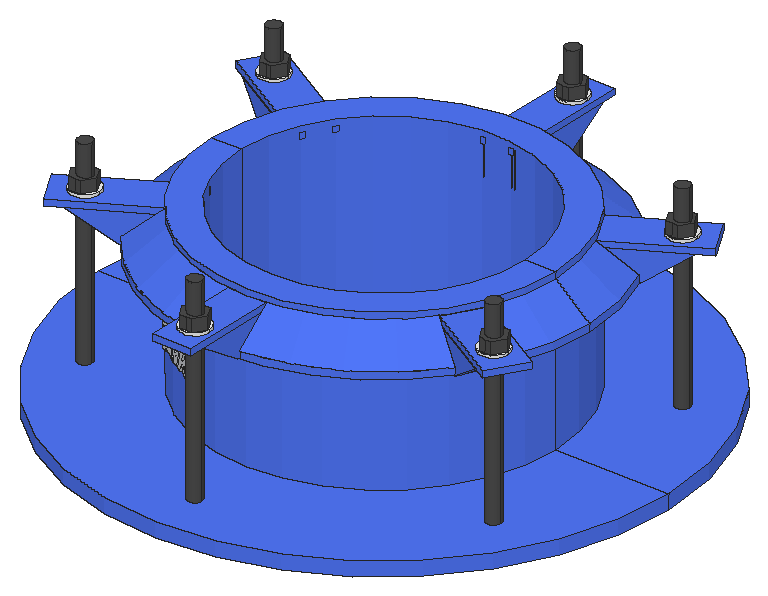
Revit family "603-A-4100-DN300", category Pipe Accessories, Revit 2019
Family settings
  Round Connector Dimension = Use Diameter
  Part Type = Valve - Breaks Into
  Work Plane-Based = No
  Always vertical = Yes
  Cut with Voids When Loaded = No
  Shared = No
Parameters (values of type "603-350-000-4100_DN300")
  Washer_ref = size_lookup(Search_table, "Washer_ref", 0 mm, [Nomianal_Diameter(DN)])  # 144 mm
  Washer = 3 mm  # constant formula
  URL product pages = "https://www.avkvalves.com/P.aspx?no=6031830604100"
  Search_table = "603-A-4100-DN300"
  S = 450 mm  # constant formula
  Rib_width = size_lookup(Search_table, "Rib_width", 0 mm, [Nomianal_Diameter(DN)])  # 480 mm
  Rib_length = 32 mm  # constant formula
  Rib_Thickness = 5 mm  # constant formula
  PCD = size_lookup(Search_table, "PCD", 0 mm, [Nomianal_Diameter(DN)])  # 400 mm
  Nut = 10 mm  # constant formula
  Length = size_lookup(Search_table, "Length", 0 mm, [Nomianal_Diameter(DN)])  # 119 mm
  L1 = size_lookup(Search_table, "L1", 0 mm, [Nomianal_Diameter(DN)])  # 61 mm
  L3 = size_lookup(Search_table, "L3", 0 mm, [Nomianal_Diameter(DN)]) - 7 mm  # 112 mm
  L = size_lookup(Search_table, "L", 0 mm, [Nomianal_Diameter(DN)]) - Bottm_height  # 178 mm
  ID = [Nomianal_Diameter(DN)] / 2.5  # 120 mm
  Nomianal_Diameter(DN) = 300 mm
  H1 = size_lookup(Search_table, "H1", 0 mm, [Nomianal_Diameter(DN)])  # 35 mm
  Description_ = "AVK UNIVERSAL SUPA® FLANGE ADAPTOR"
  DN300_301- 327 = "603-327-002-4100"
  DN300_301-327 = "603-327-000-4100"
  DN300_ 324-350 = "603-350-000-4100"
  D4 = (PCD / 2) + Bottom_Flange_Thicckness  # 212 mm
  D3 = (D2 * 1.2)  # 174.6 mm
  D2 = size_lookup(Search_table, "D2", 0 mm, [Nomianal_Diameter(DN)]) / 2  # 145.5 mm
  D = size_lookup(Search_table, "D", 0 mm, [Nomianal_Diameter(DN)]) / 2  # 241.5 mm
  Bottom_Flange_Thicckness = 12 mm  # constant formula
  Bottm_height = size_lookup(Search_table, "Bottm_height", 0 mm, [Nomianal_Diameter(DN)])  # 8 mm
  Bottm_cut = size_lookup(Search_table, "Bottm_cut", 0 mm, [Nomianal_Diameter(DN)]) / 2  # 183.5 mm
  Bolt_width = 20 mm  # constant formula
  Bolt_ref = size_lookup(Search_table, "Bolt_ref", 0 mm, [Nomianal_Diameter(DN)])  # 154 mm
Types (4, lengths in mm): name | Rib_width | ID | Nomianal_Diameter(DN) | D
  (no name) | 480 | 120 | 300 | 241.5
  603-327-000-4100_DN300 | 480 | 120 | 300 | 241.5
  603-327-002-4100_DN300 | 450 | 120.04 | 300.1 | 229
  603-350-000-4100_DN300 | 480 | 120 | 300 | 241.5
Reference planes
  plane 1 "Center (Front/Back)": y = 0
  plane 2: z = 0
  plane 3 "Center (Left/Right)": x = 0
  plane 4: y = 240
  plane 5: y = -240
  plane 6: x = -240
  plane 7: x = 240
  plane 8: z = 119
  plane 9: z = 159
  plane 10: y = -12.5
  plane 11: y = 12.5
  plane 12: x = 11
  plane 13: x = -11
  plane 14: y = 200
  plane 15: y = -200
  plane 16: y = 11.187
  plane 17: y = -11.187
  plane 18: y = 5
  plane 19: y = 5
  plane 20: y = -5
  plane 21: y = -5
  plane 22: x = 0
  plane 23: x = 0
  plane 24: y = -190
  plane 25: y = -210
  plane 26: x = -5
  plane 27: x = 5
  plane 28: x = 5
  plane 29: x = -5
  plane 30: x = 11
  plane 31: x = -11
  plane 32: y = 200
  plane 33: y = 210
  plane 34: y = 190
  plane 35: x = -5
  plane 36: x = 5
  plane 37: x = 11
  plane 38: x = -11
  plane 39: x = 11
  plane 40: x = -11
  plane 41: y = 11.187
  plane 42: y = -11.187
  plane 43: y = 5
  plane 44: y = 5
  plane 45: y = -5
  plane 46: y = -5
  plane 47: y = 11.187
  plane 48: y = -11.187
  plane 49: x = 64.5
  plane 50: x = -64.5
  plane 51: y = 64.5
  plane 52: y = -64.5
  plane 53: through (-935.205, -1219.823, 12) normal (0.866, -0.5, 0)
  plane 54: through (-588.795, -1419.823, 12) normal (0.866, -0.5, 0)
  plane 55: through (-922.215, -1227.323, 0) normal (0.866, -0.5, 0)
  plane 56: z = -1.012
  plane 57: through (-588.795, -1419.823, 12) normal (0.866, -0.5, 0)
  plane 58: through (-935.205, -1219.823, 12) normal (0.866, -0.5, 0)
  plane 59: through (-601.785, -1412.323, 0) normal (0.866, -0.5, 0)
  plane 60: z = -1.012
  plane 61: y = 200
  plane 62: y = -200
  plane 63: y = -200
  plane 64: y = 200
  plane 65: z = -7
  plane 66: x = -241.5
  plane 67: x = 241.5
  plane 68: through (0, 0, 1200) normal (-0.5, -0.866, 0)
  plane 69: through (0, 0, 1200) normal (-0.5, 0.866, 0)
  plane 70: through (935.205, -1219.823, 12) normal (0.866, 0.5, 0)
  plane 71: through (588.795, -1419.823, 12) normal (0.866, 0.5, 0)
  plane 72: through (922.215, -1227.323, 0) normal (0.866, 0.5, 0)
  plane 73: z = -1.012
  plane 74: through (588.795, -1419.823, 12) normal (0.866, 0.5, 0)
  plane 75: through (935.205, -1219.823, 12) normal (0.866, 0.5, 0)
  plane 76: through (601.785, -1412.323, 0) normal (0.866, 0.5, 0)
  plane 77: z = -1.012
  plane 78: through (0, 0, 1200) normal (-0.866, 0.5, 0)
  plane 79: through (0, 0, 1200) normal (-0.866, -0.5, 0)
  plane 80: through (0, 0, 1200) normal (-0.866, 0.5, 0)
  plane 81: through (0, 0, 1200) normal (-0.866, -0.5, 0)
  plane 82: through (0, 0, 1200) normal (-0.866, -0.5, 0)
  plane 83: through (0, 0, 1200) normal (-0.866, 0.5, 0)
  plane 84: y = 100
  plane 85: y = 100
  plane 86: y = 225
  plane 87: y = -225
Forms (mm)
  Revolve 1, solid, material "Plastic"
    sketch origin (0, 0, 0) x (1, 0, 0) y (0, 0, 1)
      loop
        line (0, 0) -> (241.5, 0) -> (241.5, 12) -> (145.5, 12) -> (145.5, 112) -> (174.6, 112) -> (174.6, 118) -> (145.5, 142) -> (145.5, 147) -> (0, 147) -> (0, 0)
      axis (0, 0) -> (0, 147)
    angle from 0 to 360
  Extrusion 2, solid, material "Plastic"
    sketch origin (0, 0, 0) x (1, 0, 0) y (0, 0, 1)
      loop
        line (-16, 142) -> (-16, 137) -> (16, 137) -> (16, 142) -> (-16, 142)
    from -225 to 225
  Extrusion 3, solid, material "Stainless Steel AISI 304"
    sketch origin (0, 0, 0) x (1, 0, 0) y (0, 1, 0)
      loop
        circle (0, 200) r 6
      loop
        circle (0, -200) r 6
    from 12 to 179
  Extrusion 4, solid, material "Plastic"
    sketch origin (0, 0, 0) x (0, 1, 0) y (0, 0, 1)
      loop
        line (212, 137) -> (-212, 137) -> (-174.6, 112) -> (174.6, 112) -> (212, 137)
    from 11 to 16
  Extrusion 5, solid, material "Plastic"
    sketch origin (0, 0, 0) x (0, 1, 0) y (0, 0, 1)
      loop
        line (174.6, 112) -> (212, 137) -> (-212, 137) -> (-174.6, 112) -> (0, 112) -> (174.6, 112)
    from -16 to -11
  Extrusion 6, solid, material "Stainless Steel AISI 304"
    sketch origin (0, 0, 0) x (1, 0, 0) y (0, 1, 0)
      loop
        line (0, -190) -> (-5, -190) -> (-11, -200) -> (-5, -210) -> (0, -210) -> (5, -210) -> (11, -200) -> (5, -190) -> (0, -190)
      loop
        line (0, 210) -> (-5, 210) -> (-11, 200) -> (-5, 190) -> (0, 190) -> (5, 190) -> (11, 200) -> (5, 210) -> (0, 210)
    from 144 to 154
  Extrusion 7, solid, material "Stainless Steel AISI 304(1)"
    sketch origin (0, 0, 0) x (1, 0, 0) y (0, 1, 0)
      loop
        circle (0, 200) r 11.994
      loop
        circle (0, -200) r 12
    from 142 to 144
  Revolve 8, solid, material "Plastic"
    sketch origin (0, 0, 0) x (1, 0, 0) y (0, 0, 1)
      loop
        line (120, 0) -> (120, -7) -> (183.5, -7) -> (183.5, 0) -> (120, 0)
      axis (0, -7) -> (0, 0)
    angle from 0 to 360
  Revolve 9, solid, material "Stainless Steel AISI 304"
    sketch origin (0, 0, 0) x (0.866025, -0.5, 0) y (0, 0, 1)
      loop
        line (-200, 0) -> (-200, -2.588)
        arc (-200, -2.588) -> (-192.462, -2.16) -> (-185, -1.012) r 78.744
        line (-185, -1.012) -> (-185, 0) -> (-200, 0)
      axis (-200, -2.588) -> (-200, 0)
    angle from 0 to 360
  Revolve 10, solid, material "Stainless Steel AISI 304"
    sketch origin (0, 0, 0) x (-0.866025, 0.5, 0) y (0, 0, -1)
      loop
        line (-200, 0) -> (-185, 0) -> (-185, 1.012)
        arc (-185, 1.012) -> (-192.462, 2.16) -> (-200, 2.588) r 78.744
        line (-200, 2.588) -> (-200, 0)
      axis (-200, 2.588) -> (-200, 0)
    angle from 0 to 360
  Revolve 11, solid, material "Stainless Steel AISI 304"
    sketch origin (0, 0, 0) x (0, 1, 0) y (0, 0, 1)
      loop
        line (200, 0) -> (185, 0) -> (185, -1.043)
        arc (185, -1.043) -> (192.453, -2.383) -> (200, -3) r 78.7
        line (200, -3) -> (200, 0)
      axis (200, -3) -> (200, 0)
    angle from 0 to 360
  Revolve 12, solid, material "Stainless Steel AISI 304"
    sketch origin (0, 0, 0) x (0, -1, 0) y (0, 0, 1)
      loop
        line (200, 0) -> (185, 0) -> (185, -1.043)
        arc (185, -1.043) -> (192.453, -2.383) -> (200, -3) r 78.7
        line (200, -3) -> (200, 0)
      axis (200, -3) -> (200, 0)
    angle from 0 to 360
  Revolve 13, solid, material "Stainless Steel AISI 304"
    sketch origin (0, 0, 0) x (-0.866025, -0.5, 0) y (0, 0, -1)
      loop
        line (-200, 0) -> (-185, 0) -> (-185, 1.012)
        arc (-185, 1.012) -> (-192.462, 2.16) -> (-200, 2.588) r 78.744
        line (-200, 2.588) -> (-200, 0)
      axis (-200, 2.588) -> (-200, 0)
    angle from 0 to 360
  Revolve 14, solid, material "Stainless Steel AISI 304"
    sketch origin (0, 0, 0) x (0.866025, 0.5, 0) y (0, 0, 1)
      loop
        line (-200, 0) -> (-200, -2.588)
        arc (-200, -2.588) -> (-192.462, -2.16) -> (-185, -1.012) r 78.744
        line (-185, -1.012) -> (-185, 0) -> (-200, 0)
      axis (-200, -2.588) -> (-200, 0)
    angle from 0 to 360
  Revolve 15, void
    sketch origin (0, 0, 0) x (1, 0, 0) y (0, 0, 1)
      loop
        line (0, 154) -> (0, -7) -> (120, -7) -> (120, 154) -> (0, 154)
      axis (0, -7) -> (0, 154)
    angle from 0 to 360
  Revolve 16, void
    sketch origin (0, 0, 0) x (1, 0, 0) y (0, 0, 1)
      loop
        line (120, 0) -> (236.5, 0) -> (236.5, 9) -> (120, 9) -> (120, 0)
      axis (0, 0) -> (0, 9)
    angle from 0 to 360
Cuts and joins
  Revolve 15, Revolve 16 cuts Revolve 1
  Revolve 15 cuts Extrusion 2
  Revolve 15 cuts Extrusion 4
  Revolve 15 cuts Extrusion 5
  Revolve 15, Revolve 16 cuts Revolve 8
  Revolve 16 cuts Revolve 9
  Revolve 16 cuts Revolve 10
  Revolve 16 cuts Revolve 11
  Revolve 16 cuts Revolve 12
  Revolve 16 cuts Revolve 13
  Revolve 16 cuts Revolve 14
Dimensions and locks
  "D": Revolve 1 sketch curve to plane 3 "Center (Left/Right)"
  "Bottom_Flange_Thicckness": Revolve 1 sketch curve to Revolve 1 sketch curve
  "L3": Revolve 1 sketch curve to Revolve 1 sketch curve
  "H1": Revolve 1 sketch curve to Revolve 1 sketch curve
  "D2": Revolve 1 sketch curve to Revolve 1 sketch curve  (x2)
  "D3": Revolve 1 sketch curve to Revolve 1 sketch curve
  equal spacing: Extrusion 2 sketch curve, plane 3 "Center (Left/Right)", Extrusion 2 sketch curve
  "Rib_length": Extrusion 2 sketch curve to Extrusion 2 sketch curve
  equal spacing: plane 4, plane 1 "Center (Front/Back)", plane 5
  "Rib_width": plane 4 to plane 5
  equal spacing: plane 6, plane 3 "Center (Left/Right)", plane 7
  "Rib_width": plane 6 to plane 7
  equal spacing: Extrusion 3 sketch curve, plane 1 "Center (Front/Back)", Extrusion 3 sketch curve
  "PCD": Extrusion 3 sketch curve to Extrusion 3 sketch curve
  "Rib_Thickness": Extrusion 2 sketch curve to Extrusion 2 sketch curve
  equal spacing: Extrusion 4 sketch curve, plane 1 "Center (Front/Back)", Extrusion 4 sketch curve  (x2)
  "D3": Extrusion 4 sketch curve to plane 1 "Center (Front/Back)"
  "D4": Extrusion 4 sketch curve to plane 1 "Center (Front/Back)"
  "Rib_Thickness": Extrusion 2 to plane 12
  "Rib_Thickness": Extrusion 2 to plane 13
  equal spacing: plane 14, plane 1 "Center (Front/Back)", plane 15
  "PCD": plane 14 to plane 15
  equal spacing: plane 18, plane 1 "Center (Front/Back)", plane 20
  equal spacing: plane 26, plane 23, plane 27
  equal spacing: plane 24, plane 15, plane 25
  plane 26 to plane 27 = 10 mm
  "Bolt_width": plane 24 to plane 25
  plane 19 to plane 21 = 10 mm
  equal spacing: plane 35, plane 23, plane 36
  equal spacing: plane 34, plane 32, plane 33
  plane 35 to plane 36 = 10 mm
  "Bolt_width": plane 34 to plane 33
  equal spacing: plane 43, plane 1 "Center (Front/Back)", plane 45
  plane 44 to plane 46 = 10 mm
  "ID": Revolve 8 sketch curve to plane 3 "Center (Left/Right)"
  "Bottm_cut": Revolve 8 sketch curve to plane 3 "Center (Left/Right)"
  "Rib_Thickness": Revolve 1 sketch curve to Revolve 1 sketch curve
  plane 54 to plane 53 = 400 mm
  "PCD": plane 54 to plane 53
  plane 55 to plane 53 = 15 mm
  "PCD": plane 58 to plane 57
  plane 59 to plane 57 = 15 mm
  plane 57 to plane 58 = 400 mm
  plane 61 to Revolve 11 sketch curve = 15 mm
  equal spacing: plane 61, plane 1 "Center (Front/Back)", plane 62
  "PCD": plane 61 to plane 62
  plane 63 to Revolve 12 sketch curve = 15 mm
  "PCD": plane 63 to plane 64
  equal spacing: plane 64, plane 1 "Center (Front/Back)", plane 63
  equal spacing: plane 67, plane 3 "Center (Left/Right)", plane 66
  plane 67 to plane 66 = 483 mm
  "D": plane 67 to plane 3 "Center (Left/Right)"
  "Washer_ref": Extrusion 7 to level
  "Bolt_ref": Extrusion 6 to level
  plane 71 to plane 70 = 400 mm
  "PCD": plane 71 to plane 70
  plane 72 to plane 70 = 15 mm
  "PCD": plane 75 to plane 74
  plane 76 to plane 74 = 15 mm
  plane 74 to plane 75 = 400 mm
  "ID": Revolve 15 sketch curve to Revolve 15 sketch curve
  equal spacing: Extrusion 7 sketch curve, plane 1 "Center (Front/Back)", Extrusion 7 sketch curve
  "PCD": Extrusion 7 sketch curve to Extrusion 7 sketch curve
  nested 2 to cut or joined group of Revolve 8, Revolve 15, Revolve 16 = 186 mm
  cut or joined group of Revolve 1, Revolve 15, Revolve 16 to cut or joined group of Revolve 8, Revolve 15, Revolve 16 = 119 mm
  equal spacing: plane 86, plane 1 "Center (Front/Back)", plane 87
  "S": plane 86 to plane 87
  "ID": Revolve 16 sketch curve to plane 3 "Center (Left/Right)"
  locked: Revolve 16 sketch curve to Revolve 16 sketch curve at 9
  locked: plane 67 to Revolve 16 sketch curve at 5
  nested 2 to cut or joined group of Revolve 1, Revolve 15, Revolve 16 = 170 mm
  radius of Extrusion 7 sketch curve = 11.994 mm
  radius of Extrusion 7 sketch curve = 12 mm
  aligned and locked: level to plane 2
  aligned and locked: Revolve 1 sketch curve to plane 3 "Center (Left/Right)"
  aligned and locked: Revolve 1 sketch curve to Revolve 1 sketch curve
  aligned and locked: Revolve 1 to Extrusion 2 sketch curve
  aligned and locked: Extrusion 2 to Extrusion 4 sketch curve
  aligned and locked: Extrusion 4 sketch curve to Revolve 1
  aligned and locked: Extrusion 4 to Extrusion 2
  aligned and locked: Extrusion 4 to plane 12
  aligned and locked: Extrusion 5 sketch curve to Extrusion 4  (x2)
  aligned and locked: Extrusion 5 sketch curve to Revolve 1  (x2)
  aligned and locked: Extrusion 2 to Extrusion 5 sketch curve
  aligned and locked: Extrusion 2 to Extrusion 5
  aligned and locked: plane 13 to Extrusion 5
  aligned and locked: plane 28 to Extrusion 6 sketch curve
  aligned and locked: plane 24 to Extrusion 6 sketch curve  (x2)
  aligned and locked: Extrusion 6 sketch curve to plane 29
  aligned and locked: plane 26 to Extrusion 6 sketch curve
  aligned and locked: plane 25 to Extrusion 6 sketch curve  (x2)
  aligned and locked: Extrusion 6 sketch curve to plane 27
  aligned and locked: plane 30 to Extrusion 6 sketch curve
  aligned and locked: plane 15 to Extrusion 6 sketch curve  (x2)
  aligned and locked: Extrusion 6 sketch curve to plane 31
  aligned and locked: plane 34 to Extrusion 6 sketch curve  (x2)
  aligned and locked: plane 36 to Extrusion 6 sketch curve  (x2)
  aligned and locked: Extrusion 6 sketch curve to plane 35  (x2)
  aligned and locked: plane 33 to Extrusion 6 sketch curve  (x2)
  aligned and locked: plane 40 to Extrusion 6 sketch curve
  aligned and locked: Extrusion 6 sketch curve to plane 39
  aligned and locked: plane 32 to Extrusion 6 sketch curve  (x2)
  aligned and locked: plane 32 to plane 14
  aligned and locked: plane 3 "Center (Left/Right)" to Revolve 8 sketch curve
  aligned and locked: Revolve 1 to Revolve 8
  aligned and locked: Extrusion 3 to Revolve 1
  aligned and locked: plane 53 to Revolve 9 sketch curve  (x2)
  aligned and locked: plane 55 to Revolve 9 sketch curve
  aligned and locked: plane 56 to Revolve 9 sketch curve
  aligned and locked: plane 57 to Revolve 10 sketch curve  (x2)
  aligned and locked: plane 59 to Revolve 10 sketch curve
  aligned and locked: plane 60 to Revolve 10 sketch curve
  aligned and locked: plane 61 to Revolve 11 sketch curve
  aligned and locked: Revolve 11 sketch curve to plane 61
  aligned and locked: Revolve 12 sketch curve to plane 63
  aligned and locked: plane 63 to Revolve 12 sketch curve
  aligned and locked: Extrusion 6 to Extrusion 7
  aligned and locked: plane 70 to Revolve 13 sketch curve  (x2)
  aligned and locked: plane 72 to Revolve 13 sketch curve
  aligned and locked: plane 73 to Revolve 13 sketch curve
  aligned and locked: plane 74 to Revolve 14 sketch curve  (x2)
  aligned and locked: plane 76 to Revolve 14 sketch curve
  aligned and locked: plane 77 to Revolve 14 sketch curve
  aligned and locked: plane 84 to plane 85
  aligned and locked: Revolve 8 to Revolve 15 sketch curve
  aligned and locked: Revolve 15 sketch curve to Revolve 15 sketch curve
  aligned and locked: nested 2 to Extrusion 2
  aligned and locked: Extrusion 2 to nested 2
  aligned and locked: Revolve 16 sketch curve to cut or joined group of Revolve 1, Revolve 15, Revolve 16
  aligned and locked: plane 3 "Center (Left/Right)" to Revolve 16 sketch curve
Automatic sketch dimensions
  Extrusion 5 sketch curve to plane 1 "Center (Front/Back)" = 0 mm
  Revolve 1 sketch curve to level = 0 mm
  Revolve 1 sketch curve to plane 8 = 1 mm
  Revolve 1 sketch curve to plane 9 = 5.931 mm
  Revolve 1 sketch curve to Revolve 1 sketch curve = 0.201 mm
  Extrusion 3 sketch curve to plane 3 "Center (Left/Right)" = 0 mm  (x2)
  Extrusion 6 sketch curve to plane 3 "Center (Left/Right)" = 0 mm  (x4)
  Extrusion 7 sketch curve to plane 3 "Center (Left/Right)" = 0 mm  (x2)
  Revolve 8 sketch curve to plane 65 = 0 mm
  Revolve 8 sketch curve to level = 0 mm
  level to Revolve 8 sketch curve = 21.248 mm
  Revolve 8 sketch curve to Revolve 8 sketch curve = 16.264 mm
  Revolve 9 sketch curve to level = 0 mm
  Revolve 9 sketch curve to plane 53 = 0.693 mm
  Revolve 9 sketch curve to level = 2.588 mm
  Revolve 9 sketch curve to plane 65 = 0.648 mm
  Revolve 9 sketch curve to Revolve 9 sketch curve = 3.741 mm
  Revolve 10 sketch curve to level = 0 mm
  Revolve 10 sketch curve to plane 57 = 0.693 mm
  Revolve 10 sketch curve to plane 8 = 42.847 mm
  Revolve 10 sketch curve to plane 65 = 0.648 mm
  Revolve 10 sketch curve to Revolve 10 sketch curve = 3.741 mm
  Revolve 11 sketch curve to level = 0 mm
  Revolve 11 sketch curve to plane 61 = 2.633 mm
  Revolve 11 sketch curve to Revolve 11 sketch curve = 1.043 mm
  Revolve 11 sketch curve to Revolve 11 sketch curve = 3 mm
  Revolve 11 sketch curve to plane 65 = 0.357 mm
  Revolve 11 sketch curve to Revolve 11 sketch curve = 3.881 mm
  Revolve 12 sketch curve to level = 0 mm
  plane 63 to Revolve 12 sketch curve = 2.633 mm
  level to Revolve 12 sketch curve = 1.043 mm
  level to Revolve 12 sketch curve = 3 mm
  plane 65 to Revolve 12 sketch curve = 0.357 mm
  Revolve 12 sketch curve to Revolve 12 sketch curve = 3.881 mm
  Revolve 13 sketch curve to level = 0 mm
  Revolve 13 sketch curve to plane 70 = 0.693 mm
  Revolve 13 sketch curve to plane 8 = 42.847 mm
  Revolve 13 sketch curve to plane 65 = 0.648 mm
  Revolve 13 sketch curve to Revolve 13 sketch curve = 3.741 mm
  Revolve 14 sketch curve to level = 0 mm
  Revolve 14 sketch curve to plane 74 = 0.693 mm
  Revolve 14 sketch curve to level = 2.588 mm
  Revolve 14 sketch curve to plane 65 = 0.648 mm
  Revolve 14 sketch curve to Revolve 14 sketch curve = 3.741 mm
  Revolve 15 sketch curve to plane 3 "Center (Left/Right)" = 0 mm
  Revolve 15 sketch curve to plane 9 = 5 mm
  level to Revolve 15 sketch curve = 28 mm
  Revolve 15 sketch curve to plane 8 = 36 mm
  level to Revolve 16 sketch curve = 54 mm
  Revolve 16 sketch curve to Revolve 16 sketch curve = 32 mm
  radius of Extrusion 3 sketch curve = 6 mm  (x2)
Nested families
  nested 1: "LOGO - Copy - Copy" at (-76.557, -123.731, 42) x (0.8504, -0.5262, 0) z (-0.5262, -0.8504, 0), type "LOGO - Copy - Copy"
  nested 2: "603-A-4100-DN300" at (0, 0, 0), type "603-327-002-4100_DN300"
Connectors
  piping at (0, 0, 147), diameter 300, driven by "Nomianal_Diameter(DN)"
    settings: on Revolve 1, index 1, connector inside diameter 609.6 mm, connector length 0 mm, flow factor 0, pipe flow 0.0 L/s, pressure drop 0.0 Pa, fitting loss kfactor 0, connector angle 0.00°, fixture units 0, engagement length 0 mm, angle of deflection 0.00°, flow configuration 0, flow direction 0, fitting loss method 0, system type 7, joint type 0, gender type 0, connector reference index -1, connector utility 0, adjustable connector no, is connector primary yes, connector description ""
  piping at (0, 0, -7), diameter 300, driven by "Nomianal_Diameter(DN)"
    settings: on Revolve 8, index 2, connector inside diameter 609.6 mm, connector length 0 mm, flow factor 0, pipe flow 0.0 L/s, pressure drop 0.0 Pa, fitting loss kfactor 0, connector angle 0.00°, fixture units 0, engagement length 0 mm, angle of deflection 0.00°, flow configuration 0, flow direction 0, fitting loss method 0, system type 7, joint type 0, gender type 0, connector reference index -1, connector utility 0, adjustable connector no, is connector primary no, connector description ""
Definition of nested family "LOGO - Copy - Copy"
  Parameters (values of type "LOGO - Copy - Copy")
    Default Elevation = 1219.2 mm
  Reference planes
    plane 1 "Center (Front/Back)": y = 0
    plane 2: z = 0
    plane 3 "Center (Left/Right)": x = 0
  Forms (mm)
    Extrusion 1, solid
      sketch origin (0, 0, 0) x (1, 0, 0) y (0, 1, 0)
        loop
          line (-1219.2, 1219.2) -> (-1219.2, -1219.2) -> (1219.2, -1219.2) -> (1219.2, 1219.2) -> (-1219.2, 1219.2)
      from 0 to -304.8
    Extrusion 2, solid
      sketch origin (0, 0, 0) x (1, 0, 0) y (0, 1, 0)
        loop
          line (-6.514, 34.224) -> (-24, 34.224) -> (-24, 29.481) -> (-9.766, 29.481) -> (-2.391, 11.367) -> (2.391, 11.367) -> (9.766, 29.481) -> (24, 29.481) -> (24, 34.224) -> (6.514, 34.224) -> (0, 18.224) -> (-6.514, 34.224)
        loop
          line (-10.996, 27.653) -> (-24, 27.653) -> (-24, 23.081) -> (-19.503, 23.081) -> (-24, 11.367) -> (-18.92, 11.367) -> (-17.955, 13.881) -> (-10.51, 13.881) -> (-9.486, 11.367) -> (-4.365, 11.367) -> (-10.996, 27.653)
        loop
          line (-16.777, 18.224) -> (-12.278, 18.224) -> (-14.594, 23.912) -> (-16.777, 18.224)
        loop
          line (4.365, 11.367) -> (9.486, 11.367) -> (12.093, 17.77) -> (16.918, 11.367) -> (22.857, 11.367) -> (17.399, 18.61)
          arc (17.399, 18.61) -> (20.583, 20.18) -> (22.629, 23.081) r 7.2
          line (22.629, 23.081) -> (24, 23.081) -> (24, 27.653) -> (19.429, 27.653)
          arc (19.429, 27.653) -> (17.763, 23.526) -> (13.699, 21.714) r 5.943
          line (13.699, 21.714) -> (16.117, 27.653) -> (10.996, 27.653) -> (4.365, 11.367)
      from 0 to 1
  Dimensions and locks
    aligned and locked: plane 2 to Extrusion 1
    aligned and locked: level to Extrusion 1
    aligned and locked: Extrusion 2 sketch curve to import instance
Definition of nested family "603-A-4100-DN300"
  Parameters (values of type "603-327-002-4100_DN300")
    Washer_ref = size_lookup(Search_table, "Washer_ref", 0 mm, [Nomianal_Diameter(DN)])  # 144 mm
    Washer = 3 mm  # constant formula
    URL product pages = "https://www.avkvalves.com/P.aspx?no=6031830604100"
    Search_table = "603-A-4100-DN300"
    Rib_width = size_lookup(Search_table, "Rib_width", 0 mm, [Nomianal_Diameter(DN)])  # 450 mm
    Rib_length = 32 mm  # constant formula
    Rib_Thickness = 5 mm  # constant formula
    PCD = size_lookup(Search_table, "PCD", 0 mm, [Nomianal_Diameter(DN)])  # 400 mm
    Nut = 10 mm  # constant formula
    Length = size_lookup(Search_table, "Length", 0 mm, [Nomianal_Diameter(DN)])  # 119 mm
    L1 = size_lookup(Search_table, "L1", 0 mm, [Nomianal_Diameter(DN)])  # 61 mm
    L3 = size_lookup(Search_table, "L3", 0 mm, [Nomianal_Diameter(DN)]) - 7 mm  # 112 mm
    L = size_lookup(Search_table, "L", 0 mm, [Nomianal_Diameter(DN)]) - Bottm_height  # 179 mm
    ID = [Nomianal_Diameter(DN)] / 2.5  # 120.04 mm
    Nomianal_Diameter(DN) = 300.1 mm
    H1 = size_lookup(Search_table, "H1", 0 mm, [Nomianal_Diameter(DN)])  # 35 mm
    Description_ = "AVK UNIVERSAL SUPA® FLANGE ADAPTOR"
    DN300_301- 327 = "603-327-002-4100"
    DN300_301-327 = "603-327-000-4100"
    DN300_ 324-350 = "603-350-000-4100"
    D4 = (PCD / 2) + Bottom_Flange_Thicckness  # 212 mm
    D3 = (D2 * 1.2)  # 174.6 mm
    D2 = size_lookup(Search_table, "D2", 0 mm, [Nomianal_Diameter(DN)]) / 2  # 145.5 mm
    D = size_lookup(Search_table, "D", 0 mm, [Nomianal_Diameter(DN)]) / 2  # 229 mm
    Bottom_Flange_Thicckness = 12 mm  # constant formula
    Bottm_height = size_lookup(Search_table, "Bottm_height", 0 mm, [Nomianal_Diameter(DN)])  # 7 mm
    Bottm_cut = size_lookup(Search_table, "Bottm_cut", 0 mm, [Nomianal_Diameter(DN)]) / 2  # 159.5 mm
    Bolt_width = 20 mm  # constant formula
    Bolt_ref = size_lookup(Search_table, "Bolt_ref", 0 mm, [Nomianal_Diameter(DN)])  # 154 mm
  Reference planes
    plane 1 "Center (Front/Back)": y = 0
    plane 2: z = 0
    plane 3 "Center (Left/Right)": x = 0
    plane 4: y = 225
    plane 5: y = -225
    plane 6: x = -225
    plane 7: x = 225
    plane 8: z = 119
    plane 9: z = 159
    plane 10: y = -12.5
    plane 11: y = 12.5
    plane 12: x = 11
    plane 13: x = -11
    plane 14: y = 11.187
    plane 15: y = -11.187
    plane 16: y = 5
    plane 17: y = 5
    plane 18: y = -5
    plane 19: y = -5
    plane 20: x = 0
    plane 21: x = 0
    plane 22: x = -5
    plane 23: x = 5
    plane 24: x = 5
    plane 25: x = -5
    plane 26: x = 11
    plane 27: x = -11
    plane 28: x = -5
    plane 29: x = 5
    plane 30: x = 11
    plane 31: x = -11
    plane 32: x = 11
    plane 33: x = -11
    plane 34: y = 11.187
    plane 35: y = -11.187
    plane 36: y = 5
    plane 37: y = 5
    plane 38: y = -5
    plane 39: y = -5
    plane 40: y = 11.187
    plane 41: y = -11.187
    plane 42: x = 64.5
    plane 43: x = -64.5
    plane 44: y = 64.5
    plane 45: y = -64.5
    plane 46: through (-935.205, -1219.823, 12) normal (0.866, -0.5, 0)
    plane 47: through (-588.795, -1419.823, 12) normal (0.866, -0.5, 0)
    plane 48: through (-922.215, -1227.323, 0) normal (0.866, -0.5, 0)
    plane 49: z = -1.012
    plane 50: through (-588.795, -1419.823, 12) normal (0.866, -0.5, 0)
    plane 51: through (-935.205, -1219.823, 12) normal (0.866, -0.5, 0)
    plane 52: through (-601.785, -1412.323, 0) normal (0.866, -0.5, 0)
    plane 53: z = -1.012
    plane 54: z = -7
    plane 55: x = -229
    plane 56: x = 229
    plane 57: through (0, 0, 1200) normal (-0.5, -0.866, 0)
    plane 58: through (0, 0, 1200) normal (-0.5, 0.866, 0)
    plane 59: through (935.205, -1219.823, 12) normal (0.866, 0.5, 0)
    plane 60: through (588.795, -1419.823, 12) normal (0.866, 0.5, 0)
    plane 61: through (922.215, -1227.323, 0) normal (0.866, 0.5, 0)
    plane 62: z = -1.012
    plane 63: through (588.795, -1419.823, 12) normal (0.866, 0.5, 0)
    plane 64: through (935.205, -1219.823, 12) normal (0.866, 0.5, 0)
    plane 65: through (601.785, -1412.323, 0) normal (0.866, 0.5, 0)
    plane 66: z = -1.012
    plane 67: through (0, 0, 1200) normal (-0.866, 0.5, 0)
    plane 68: through (0, 0, 1200) normal (-0.866, -0.5, 0)
    plane 69: through (0, 0, 1200) normal (-0.866, 0.5, 0)
    plane 70: through (0, 0, 1200) normal (-0.866, -0.5, 0)
    plane 71: through (0, 0, 1200) normal (-0.866, -0.5, 0)
    plane 72: through (0, 0, 1200) normal (-0.866, 0.5, 0)
    plane 73: y = 100
    plane 74: y = 100
    plane 75: y = 110
    plane 76: y = 90
    plane 77: y = 100
    plane 78: y = 100
    plane 79: y = 110
    plane 80: y = 90
    plane 81: y = -100
    plane 82: y = -100
    plane 83: y = -110
    plane 84: y = -90
    plane 85: y = -100
    plane 86: y = -100
    plane 87: y = -110
    plane 88: y = -90
  Forms (mm)
    Extrusion 1, solid
      sketch origin (0, 0, 0) x (0.5, 0.866025, 0) y (0, 0, 1)
        loop
          line (17.5, 142) -> (-17.5, 142) -> (-17.5, 137) -> (17.5, 137) -> (17.5, 142)
      from -225 to 225
    Extrusion 2, solid
      sketch origin (0, 0, 0) x (1, 0, 0) y (0, 1, 0)
        loop
          circle (-173.205, 100) r 6
        loop
          circle (173.205, -100) r 6
        loop
          circle (-173.205, -100) r 6
        loop
          circle (173.205, 100) r 6
      from 12 to 179
    Extrusion 3, solid
      sketch origin (0, 0, 0) x (0.866025, -0.5, 0) y (0, 0, 1)
        loop
          line (-174.6, 112) -> (0, 112) -> (174.6, 112) -> (212, 137) -> (0, 137) -> (-212, 137) -> (-174.6, 112)
      from 12.5 to 17.5
    Extrusion 4, solid
      sketch origin (0, 0, 0) x (0.866025, -0.5, 0) y (0, 0, 1)
        loop
          line (174.6, 112) -> (212, 137) -> (-212, 137) -> (-174.6, 112) -> (174.6, 112)
      from -17.5 to -12.5
    Extrusion 5, solid
      sketch origin (0, 0, 0) x (1, 0, 0) y (0, 1, 0)
        loop
          line (-172.432, 110) -> (-177.432, 110) -> (-183.432, 100) -> (-177.432, 90) -> (-172.432, 90) -> (-167.432, 90) -> (-161.432, 100) -> (-167.432, 110) -> (-172.432, 110)
        loop
          line (172.432, 110) -> (167.432, 110) -> (161.432, 100) -> (167.432, 90) -> (172.432, 90) -> (177.432, 90) -> (183.599, 100) -> (177.432, 110) -> (172.432, 110)
        loop
          line (173.979, -110) -> (178.979, -110) -> (184.979, -100) -> (178.979, -90) -> (173.979, -90) -> (168.979, -90) -> (162.979, -100) -> (168.979, -110) -> (173.979, -110)
        loop
          line (-173.979, -110) -> (-168.979, -110) -> (-162.979, -100) -> (-168.979, -90) -> (-173.979, -90) -> (-178.979, -90) -> (-184.979, -100) -> (-178.979, -110) -> (-173.979, -110)
      from 144 to 154
    Extrusion 6, solid
      sketch origin (0, 0, 0) x (1, 0, 0) y (0, 1, 0)
        loop
          circle (-173.205, 100) r 12
        loop
          circle (173.205, 100) r 12
        loop
          circle (-173.205, -100) r 12
        loop
          circle (173.205, -100) r 12
      from 142 to 144
    Revolve 7, solid
      sketch origin (0, 0, 0) x (0.866025, -0.5, 0) y (0, 0, 1)
        loop
          line (-200, 0) -> (-200, -2.588)
          arc (-200, -2.588) -> (-192.462, -2.16) -> (-185, -1.012) r 78.744
          line (-185, -1.012) -> (-185, 0) -> (-200, 0)
        axis (-200, -2.588) -> (-200, 0)
      angle from 0 to 360
    Revolve 8, solid
      sketch origin (0, 0, 0) x (-0.866025, 0.5, 0) y (0, 0, -1)
        loop
          line (-200, 0) -> (-185, 0) -> (-185, 1.012)
          arc (-185, 1.012) -> (-192.462, 2.16) -> (-200, 2.588) r 78.744
          line (-200, 2.588) -> (-200, 0)
        axis (-200, 2.588) -> (-200, 0)
      angle from 0 to 360
    Extrusion 9, solid
      sketch origin (0, 0, 0) x (-0.5, 0.866025, 0) y (0, 0, -1)
        loop
          line (17.5, -142) -> (17.5, -137) -> (-17.5, -137) -> (-17.5, -142) -> (17.5, -142)
      from -225 to 225
    Extrusion 10, solid
      sketch origin (0, 0, 0) x (-0.866025, -0.5, 0) y (0, 0, -1)
        loop
          line (-174.6, -112) -> (-212, -137) -> (0, -137) -> (212, -137) -> (174.6, -112) -> (0, -112) -> (-174.6, -112)
      from 12.5 to 17.5
    Extrusion 11, solid
      sketch origin (0, 0, 0) x (-0.866025, -0.5, 0) y (0, 0, -1)
        loop
          line (174.6, -112) -> (-174.6, -112) -> (-212, -137) -> (212, -137) -> (174.6, -112)
      from -17.5 to -12.5
    Revolve 12, solid
      sketch origin (0, 0, 0) x (-0.866025, -0.5, 0) y (0, 0, -1)
        loop
          line (-200, 0) -> (-185, 0) -> (-185, 1.012)
          arc (-185, 1.012) -> (-192.462, 2.16) -> (-200, 2.588) r 78.744
          line (-200, 2.588) -> (-200, 0)
        axis (-200, 2.588) -> (-200, 0)
      angle from 0 to 360
    Revolve 13, solid
      sketch origin (0, 0, 0) x (0.866025, 0.5, 0) y (0, 0, 1)
        loop
          line (-200, 0) -> (-200, -2.588)
          arc (-200, -2.588) -> (-192.462, -2.16) -> (-185, -1.012) r 78.744
          line (-185, -1.012) -> (-185, 0) -> (-200, 0)
        axis (-200, -2.588) -> (-200, 0)
      angle from 0 to 360
    Revolve 14, void
      sketch origin (0, 0, 0) x (1, 0, 0) y (0, 0, 1)
        loop
          line (0, 154) -> (0, -7) -> (120.04, -7) -> (120.04, 154) -> (0, 154)
        axis (0, -7) -> (0, 154)
      angle from 0 to 360
  Cuts and joins
    Revolve 14 cuts Extrusion 1
    Revolve 14 cuts Extrusion 3
    Revolve 14 cuts Extrusion 4
    Revolve 14 cuts Extrusion 9
    Revolve 14 cuts Extrusion 10
    Revolve 14 cuts Extrusion 11
  Dimensions and locks
    equal spacing: plane 4, plane 1 "Center (Front/Back)", plane 5
    "Rib_width": plane 4 to plane 5
    Extrusion 1 sketch curve to Extrusion 1 sketch curve = 35 mm
    "H1": Extrusion 1 sketch curve to Extrusion 1 sketch curve
    equal spacing: plane 6, plane 3 "Center (Left/Right)", plane 7
    "Rib_width": plane 6 to plane 7
    "Length": plane 8 to level
    "Rib_Thickness": Extrusion 1 sketch curve to Extrusion 1 sketch curve
    Extrusion 3 sketch curve to Extrusion 3 sketch curve = 349.2 mm
    Extrusion 3 sketch curve to Extrusion 3 sketch curve = 424 mm
    equal spacing: plane 16, plane 1 "Center (Front/Back)", plane 18
    equal spacing: plane 22, plane 21, plane 23
    plane 22 to plane 23 = 10 mm
    plane 17 to plane 19 = 10 mm
    equal spacing: plane 28, plane 21, plane 29
    plane 28 to plane 29 = 10 mm
    equal spacing: plane 36, plane 1 "Center (Front/Back)", plane 38
    plane 37 to plane 39 = 10 mm
    plane 47 to plane 46 = 400 mm
    "PCD": plane 47 to plane 46
    plane 48 to plane 46 = 15 mm
    "PCD": plane 51 to plane 50
    plane 52 to plane 50 = 15 mm
    plane 50 to plane 51 = 400 mm
    equal spacing: plane 56, plane 3 "Center (Left/Right)", plane 55
    plane 56 to plane 55 = 458 mm
    "D": plane 56 to plane 3 "Center (Left/Right)"
    "L": Extrusion 2 to level
    "Washer_ref": Extrusion 6 to level
    "Bolt_ref": Extrusion 5 to level
    Extrusion 9 sketch curve to Extrusion 9 sketch curve = 35 mm
    "H1": Extrusion 9 sketch curve to Extrusion 9 sketch curve
    "Rib_Thickness": Extrusion 9 sketch curve to Extrusion 9 sketch curve
    Extrusion 10 sketch curve to Extrusion 10 sketch curve = 349.2 mm
    Extrusion 10 sketch curve to Extrusion 10 sketch curve = 424 mm
    plane 60 to plane 59 = 400 mm
    "PCD": plane 60 to plane 59
    plane 61 to plane 59 = 15 mm
    "PCD": plane 64 to plane 63
    plane 65 to plane 63 = 15 mm
    plane 63 to plane 64 = 400 mm
    equal spacing: Extrusion 2 sketch curve, plane 67, Extrusion 2 sketch curve
    "PCD": Extrusion 2 sketch curve to Extrusion 2 sketch curve  (x2)
    equal spacing: Extrusion 2 sketch curve, plane 68, Extrusion 2 sketch curve
    equal spacing: plane 76, plane 74, plane 75
    "Bolt_width": plane 76 to plane 75
    equal spacing: plane 80, plane 78, plane 79
    "Bolt_width": plane 80 to plane 79
    equal spacing: plane 84, plane 82, plane 83
    "Bolt_width": plane 84 to plane 83
    equal spacing: plane 88, plane 86, plane 87
    "Bolt_width": plane 88 to plane 87
    equal spacing: Extrusion 5 sketch curve, plane 71, Extrusion 5 sketch curve
    "PCD": Extrusion 5 sketch curve to Extrusion 5 sketch curve  (x2)
    "ID": Revolve 14 sketch curve to Revolve 14 sketch curve
    equal spacing: Extrusion 5 sketch curve, plane 72, Extrusion 5 sketch curve
    aligned and locked: level to plane 2
    aligned and locked: Extrusion 1 to Extrusion 3 sketch curve  (x2)
    aligned and locked: Extrusion 3 to Extrusion 1
    aligned and locked: Extrusion 4 sketch curve to Extrusion 3  (x3)
    aligned and locked: Extrusion 1 to Extrusion 4
    aligned and locked: plane 46 to Revolve 7 sketch curve  (x2)
    aligned and locked: plane 48 to Revolve 7 sketch curve
    aligned and locked: plane 49 to Revolve 7 sketch curve
    aligned and locked: plane 50 to Revolve 8 sketch curve  (x2)
    aligned and locked: plane 52 to Revolve 8 sketch curve
    aligned and locked: plane 53 to Revolve 8 sketch curve
    aligned and locked: Extrusion 5 to Extrusion 6
    aligned and locked: Extrusion 10 sketch curve to Extrusion 9  (x2)
    aligned and locked: Extrusion 10 to Extrusion 9
    aligned and locked: Extrusion 11 sketch curve to Extrusion 10  (x3)
    aligned and locked: Extrusion 9 to Extrusion 11
    aligned and locked: plane 59 to Revolve 12 sketch curve  (x2)
    aligned and locked: plane 61 to Revolve 12 sketch curve
    aligned and locked: plane 62 to Revolve 12 sketch curve
    aligned and locked: plane 63 to Revolve 13 sketch curve  (x2)
    aligned and locked: plane 65 to Revolve 13 sketch curve
    aligned and locked: plane 66 to Revolve 13 sketch curve
    aligned and locked: plane 76 to Extrusion 5 sketch curve  (x2)
    aligned and locked: plane 75 to Extrusion 5 sketch curve  (x2)
    aligned and locked: plane 74 to Extrusion 5 sketch curve  (x2)
    aligned and locked: plane 74 to plane 73
    aligned and locked: Extrusion 5 sketch curve to plane 80  (x2)
    aligned and locked: Extrusion 5 sketch curve to plane 79  (x2)
    aligned and locked: Extrusion 5 sketch curve to plane 78  (x2)
    aligned and locked: plane 77 to plane 78
    aligned and locked: plane 84 to Extrusion 5 sketch curve  (x2)
    aligned and locked: plane 83 to Extrusion 5 sketch curve  (x2)
    aligned and locked: plane 82 to Extrusion 5 sketch curve  (x2)
    aligned and locked: plane 82 to plane 81
    aligned and locked: Extrusion 5 sketch curve to plane 88  (x2)
    aligned and locked: Extrusion 5 sketch curve to plane 87  (x2)
    aligned and locked: Extrusion 5 sketch curve to plane 86  (x2)
    aligned and locked: plane 85 to plane 86
    aligned and locked: Revolve 14 sketch curve to Revolve 14 sketch curve
  Automatic sketch dimensions
    Extrusion 3 sketch curve to Extrusion 3 sketch curve = 37.4 mm  (x2)
    Extrusion 3 sketch curve to Extrusion 3 sketch curve = 174.6 mm  (x2)
    Extrusion 3 sketch curve to Extrusion 3 sketch curve = 0 mm
    Extrusion 10 sketch curve to plane 8 = 7 mm
    Extrusion 10 sketch curve to Extrusion 10 sketch curve = 37.4 mm  (x2)
    Extrusion 10 sketch curve to Extrusion 10 sketch curve = 174.6 mm  (x2)
    Extrusion 10 sketch curve to Extrusion 10 sketch curve = 0 mm
    Extrusion 11 sketch curve to plane 8 = 7 mm
    plane 57 to Extrusion 6 sketch curve = 0 mm  (x2)
    plane 58 to Extrusion 6 sketch curve = 0 mm  (x2)
    Extrusion 6 sketch curve to plane 44 = 35.5 mm  (x2)
    Extrusion 6 sketch curve to plane 45 = 35.5 mm  (x2)
    Extrusion 3 sketch curve to plane 8 = 7 mm
    Extrusion 4 sketch curve to plane 8 = 7 mm
    plane 57 to Extrusion 1 sketch curve = 17.5 mm
    plane 8 to Extrusion 1 sketch curve = 18 mm
    plane 58 to Extrusion 2 sketch curve = 0 mm  (x2)
    plane 57 to Extrusion 2 sketch curve = 0 mm  (x2)
    Extrusion 5 sketch curve to Extrusion 5 sketch curve = 0 mm
    Extrusion 5 sketch curve to Extrusion 5 sketch curve = 16 mm  (x2)
    Extrusion 5 sketch curve to Extrusion 5 sketch curve = 6 mm  (x8)
    Extrusion 5 sketch curve to Extrusion 5 sketch curve = 10 mm  (x2)
    Extrusion 5 sketch curve to Extrusion 5 sketch curve = 5 mm  (x14)
    Extrusion 5 sketch curve to Extrusion 5 sketch curve = 6.167 mm
    Revolve 7 sketch curve to level = 0 mm
    Revolve 7 sketch curve to plane 46 = 0.693 mm
    Revolve 7 sketch curve to level = 2.588 mm
    Revolve 7 sketch curve to plane 54 = 0.648 mm
    Revolve 7 sketch curve to Revolve 7 sketch curve = 3.741 mm
    Revolve 8 sketch curve to level = 0 mm
    Revolve 8 sketch curve to plane 50 = 0.693 mm
    Revolve 8 sketch curve to plane 8 = 42.847 mm
    Revolve 8 sketch curve to plane 54 = 0.648 mm
    Revolve 8 sketch curve to Revolve 8 sketch curve = 3.741 mm
    plane 58 to Extrusion 9 sketch curve = 17.5 mm
    Extrusion 9 sketch curve to plane 9 = 17 mm
    Revolve 12 sketch curve to level = 0 mm
    Revolve 12 sketch curve to plane 59 = 0.693 mm
    Revolve 12 sketch curve to plane 8 = 42.847 mm
    Revolve 12 sketch curve to plane 54 = 0.648 mm
    Revolve 12 sketch curve to Revolve 12 sketch curve = 3.741 mm
    Revolve 13 sketch curve to level = 0 mm
    Revolve 13 sketch curve to plane 63 = 0.693 mm
    Revolve 13 sketch curve to level = 2.588 mm
    Revolve 13 sketch curve to plane 54 = 0.648 mm
    Revolve 13 sketch curve to Revolve 13 sketch curve = 3.741 mm
    Revolve 14 sketch curve to plane 3 "Center (Left/Right)" = 0 mm
    Revolve 14 sketch curve to plane 54 = 0 mm
    Revolve 14 sketch curve to plane 9 = 5 mm
    level to Revolve 14 sketch curve = 28 mm
    Revolve 14 sketch curve to plane 8 = 36 mm
    radius of Extrusion 6 sketch curve = 12 mm  (x4)
    radius of Extrusion 2 sketch curve = 6 mm  (x4)
